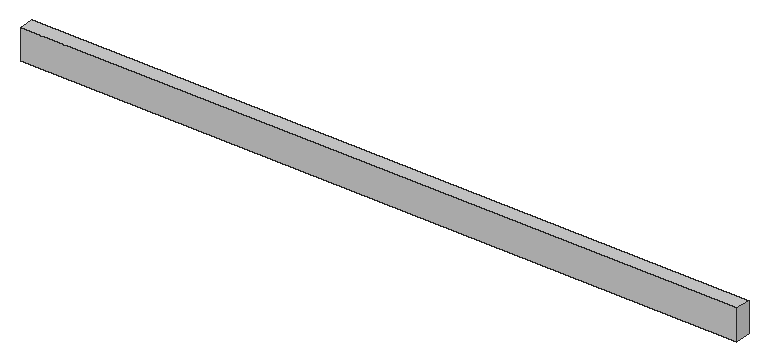
Revit family "M_Barras planas", category Quadro estrutural, Revit 2019 (continued)
Types in the file's own list only (420): name | Largura | Momento de inércia de torção | Módulo de torção | Chave do nome do corte | Área de corte | Eixo fraco do módulo plástico | Eixo forte do módulo plástico | Perímetro | Peso nominal | Eixo fraco do momento de inércia | Eixo forte do momento de inércia | Altura | Eixo fraco do módulo de elasticidade | Eixo forte do módulo de elasticidade | Centróide vertical | Centróide horizontal
  FL 38.1X228.6 | 38.1 mm | 0.00 mm4 | 0.0 mm³ | Plano 1 1/2x9 | 8709.7 mm² | 82960.0 mm³ | 497757.0 mm³ | 0.53 m²/m | 0.00 kgf/m | 1053586.00 mm4 | 37929089.00 mm4 | 228.6 mm | 55306.0 mm³ | 331838.0 mm³ | 114.3 mm | 19.1 mm
  FL 38.1X254 | 38.1 mm | 0.00 mm4 | 0.0 mm³ | Plano 1 1/2x10 | 9677.4 mm² | 92177.0 mm³ | 614515.0 mm³ | 0.58 m²/m | 0.00 kgf/m | 1170651.00 mm4 | 52028928.00 mm4 | 254.0 mm | 61451.0 mm³ | 409677.0 mm³ | 127.0 mm | 19.1 mm
  FL 38.1X304.8 | 38.1 mm | 0.00 mm4 | 0.0 mm³ | Plano 1 1/2x12 | 11612.9 mm² | 110613.0 mm³ | 884901.0 mm³ | 0.69 m²/m | 0.00 kgf/m | 1404781.00 mm4 | 89905988.00 mm4 | 304.8 mm | 73742.0 mm³ | 589934.0 mm³ | 152.4 mm | 19.1 mm
  FL 41.275X38.1 | 41.3 mm | 0.00 mm4 | 0.0 mm³ | Plano 1 5/8x1 1/2 | 1572.6 mm² | 16227.0 mm³ | 14979.0 mm³ | 0.16 m²/m | 0.00 kgf/m | 223257.00 mm4 | 190231.00 mm4 | 38.1 mm | 10818.0 mm³ | 9986.0 mm³ | 19.1 mm | 20.6 mm
  FL 41.275X50.8 | 41.3 mm | 0.00 mm4 | 0.0 mm³ | Plano 1 5/8x2 | 2096.8 mm² | 21636.0 mm³ | 26629.0 mm³ | 0.18 m²/m | 0.00 kgf/m | 297676.00 mm4 | 450917.00 mm4 | 50.8 mm | 14424.0 mm³ | 17753.0 mm³ | 25.4 mm | 20.6 mm
  FL 41.275X63.5 | 41.3 mm | 0.00 mm4 | 0.0 mm³ | Plano 1 5/8x2 1/2 | 2621.0 mm² | 27045.0 mm³ | 41608.0 mm³ | 0.21 m²/m | 0.00 kgf/m | 372095.00 mm4 | 880698.00 mm4 | 63.5 mm | 18030.0 mm³ | 27739.0 mm³ | 31.8 mm | 20.6 mm
  FL 41.275X76.2 | 41.3 mm | 0.00 mm4 | 0.0 mm³ | Plano 1 5/8x3 | 3145.2 mm² | 32454.0 mm³ | 59915.0 mm³ | 0.23 m²/m | 0.00 kgf/m | 446514.00 mm4 | 1521846.00 mm4 | 76.2 mm | 21636.0 mm³ | 39943.0 mm³ | 38.1 mm | 20.6 mm
  FL 41.275X88.9 | 41.3 mm | 0.00 mm4 | 0.0 mm³ | Plano 1 5/8x3 1/2 | 3669.3 mm² | 37863.0 mm³ | 81551.0 mm³ | 0.26 m²/m | 0.00 kgf/m | 520933.00 mm4 | 2416635.00 mm4 | 88.9 mm | 25242.0 mm³ | 54367.0 mm³ | 44.5 mm | 20.6 mm
  FL 41.275X101.6 | 41.3 mm | 0.00 mm4 | 0.0 mm³ | Plano 1 5/8x4 | 4193.5 mm² | 43272.0 mm³ | 106516.0 mm³ | 0.29 m²/m | 0.00 kgf/m | 595352.00 mm4 | 3607339.00 mm4 | 101.6 mm | 28848.0 mm³ | 71011.0 mm³ | 50.8 mm | 20.6 mm
  FL 41.275X114.3 | 41.3 mm | 0.00 mm4 | 0.0 mm³ | Plano 1 5/8x4 1/2 | 4717.7 mm² | 48681.0 mm³ | 134809.0 mm³ | 0.31 m²/m | 0.00 kgf/m | 669771.00 mm4 | 5136231.00 mm4 | 114.3 mm | 32454.0 mm³ | 89873.0 mm³ | 57.2 mm | 20.6 mm
  FL 41.275X127 | 41.3 mm | 0.00 mm4 | 0.0 mm³ | Plano 1 5/8x5 | 5241.9 mm² | 54090.0 mm³ | 166431.0 mm³ | 0.34 m²/m | 0.00 kgf/m | 744190.00 mm4 | 7045584.00 mm4 | 127.0 mm | 36060.0 mm³ | 110954.0 mm³ | 63.5 mm | 20.6 mm
  FL 41.275X139.7 | 41.3 mm | 0.00 mm4 | 0.0 mm³ | Plano 1 5/8x5 1/2 | 5766.1 mm² | 59499.0 mm³ | 201382.0 mm³ | 0.36 m²/m | 0.00 kgf/m | 818609.00 mm4 | 9377672.00 mm4 | 139.7 mm | 39666.0 mm³ | 134254.0 mm³ | 69.9 mm | 20.6 mm
  FL 41.275X152.4 | 41.3 mm | 0.00 mm4 | 0.0 mm³ | Plano 1 5/8x6 | 6290.3 mm² | 64908.0 mm³ | 239661.0 mm³ | 0.39 m²/m | 0.00 kgf/m | 893028.00 mm4 | 12174769.00 mm4 | 152.4 mm | 43272.0 mm³ | 159774.0 mm³ | 76.2 mm | 20.6 mm
  FL 41.275X165.1 | 41.3 mm | 0.00 mm4 | 0.0 mm³ | Plano 1 5/8x6 1/2 | 6814.5 mm² | 70317.0 mm³ | 281269.0 mm³ | 0.41 m²/m | 0.00 kgf/m | 967447.00 mm4 | 15479148.00 mm4 | 165.1 mm | 46878.0 mm³ | 187512.0 mm³ | 82.6 mm | 20.6 mm
  FL 41.275X177.8 | 41.3 mm | 0.00 mm4 | 0.0 mm³ | Plano 1 5/8x7 | 7338.7 mm² | 75726.0 mm³ | 326205.0 mm³ | 0.44 m²/m | 0.00 kgf/m | 1041866.00 mm4 | 19333083.00 mm4 | 177.8 mm | 50484.0 mm³ | 217470.0 mm³ | 88.9 mm | 20.6 mm
  FL 41.275X190.5 | 41.3 mm | 0.00 mm4 | 0.0 mm³ | Plano 1 5/8x7 1/2 | 7862.9 mm² | 81135.0 mm³ | 374470.0 mm³ | 0.46 m²/m | 0.00 kgf/m | 1116285.00 mm4 | 23778846.00 mm4 | 190.5 mm | 54090.0 mm³ | 249647.0 mm³ | 95.3 mm | 20.6 mm
  FL 41.275X203.2 | 41.3 mm | 0.00 mm4 | 0.0 mm³ | Plano 1 5/8x8 | 8387.1 mm² | 86544.0 mm³ | 426064.0 mm³ | 0.49 m²/m | 0.00 kgf/m | 1190704.00 mm4 | 28858712.00 mm4 | 203.2 mm | 57696.0 mm³ | 284042.0 mm³ | 101.6 mm | 20.6 mm
  FL 44.45X38.1 | 44.5 mm | 0.00 mm4 | 0.0 mm³ | Plano 1 3/4x1 1/2 | 1693.5 mm² | 18820.0 mm³ | 16131.0 mm³ | 0.17 m²/m | 0.00 kgf/m | 278843.00 mm4 | 204864.00 mm4 | 38.1 mm | 12546.0 mm³ | 10754.0 mm³ | 19.1 mm | 22.2 mm
  FL 44.45X50.8 | 44.5 mm | 0.00 mm4 | 0.0 mm³ | Plano 1 3/4x2 | 2258.1 mm² | 25093.0 mm³ | 28677.0 mm³ | 0.19 m²/m | 0.00 kgf/m | 371790.00 mm4 | 485603.00 mm4 | 50.8 mm | 16728.0 mm³ | 19118.0 mm³ | 25.4 mm | 22.2 mm
  FL 44.45X57.15 | 44.5 mm | 0.00 mm4 | 0.0 mm³ | Plano 1 3/4x2 1/4 | 2540.3 mm² | 28229.0 mm³ | 36295.0 mm³ | 0.20 m²/m | 0.00 kgf/m | 418264.00 mm4 | 691416.00 mm4 | 57.2 mm | 18820.0 mm³ | 24197.0 mm³ | 28.6 mm | 22.2 mm
  FL 44.45X63.5 | 44.5 mm | 0.00 mm4 | 0.0 mm³ | Plano 1 3/4x2 1/2 | 2822.6 mm² | 31366.0 mm³ | 44808.0 mm³ | 0.22 m²/m | 0.00 kgf/m | 464738.00 mm4 | 948444.00 mm4 | 63.5 mm | 20911.0 mm³ | 29872.0 mm³ | 31.8 mm | 22.2 mm
  FL 44.45X69.85 | 44.5 mm | 0.00 mm4 | 0.0 mm³ | Plano 1 3/4x2 3/4 | 3104.8 mm² | 34502.0 mm³ | 54218.0 mm³ | 0.23 m²/m | 0.00 kgf/m | 511211.00 mm4 | 1262379.00 mm4 | 69.9 mm | 23002.0 mm³ | 36145.0 mm³ | 34.9 mm | 22.2 mm
  FL 44.45X76.2 | 44.5 mm | 0.00 mm4 | 0.0 mm³ | Plano 1 3/4x3 | 3387.1 mm² | 37639.0 mm³ | 64524.0 mm³ | 0.24 m²/m | 0.00 kgf/m | 557685.00 mm4 | 1638911.00 mm4 | 76.2 mm | 25093.0 mm³ | 43016.0 mm³ | 38.1 mm | 22.2 mm
  FL 44.45X88.9 | 44.5 mm | 0.00 mm4 | 0.0 mm³ | Plano 1 3/4x3 1/2 | 3951.6 mm² | 43912.0 mm³ | 87824.0 mm³ | 0.27 m²/m | 0.00 kgf/m | 650633.00 mm4 | 2602530.00 mm4 | 88.9 mm | 29275.0 mm³ | 58550.0 mm³ | 44.5 mm | 22.2 mm
  FL 44.45X101.6 | 44.5 mm | 0.00 mm4 | 0.0 mm³ | Plano 1 3/4x4 | 4516.1 mm² | 50185.0 mm³ | 114709.0 mm³ | 0.29 m²/m | 0.00 kgf/m | 743580.00 mm4 | 3884827.00 mm4 | 101.6 mm | 33457.0 mm³ | 76473.0 mm³ | 50.8 mm | 22.2 mm
  FL 44.45X114.3 | 44.5 mm | 0.00 mm4 | 0.0 mm³ | Plano 1 3/4x4 1/2 | 5080.6 mm² | 56459.0 mm³ | 145179.0 mm³ | 0.32 m²/m | 0.00 kgf/m | 836528.00 mm4 | 5531325.00 mm4 | 114.3 mm | 37639.0 mm³ | 96786.0 mm³ | 57.2 mm | 22.2 mm
  FL 44.45X127 | 44.5 mm | 0.00 mm4 | 0.0 mm³ | Plano 1 3/4x5 | 5645.2 mm² | 62732.0 mm³ | 179234.0 mm³ | 0.34 m²/m | 0.00 kgf/m | 929475.00 mm4 | 7587552.00 mm4 | 127.0 mm | 41821.0 mm³ | 119489.0 mm³ | 63.5 mm | 22.2 mm
  FL 44.45X139.7 | 44.5 mm | 0.00 mm4 | 0.0 mm³ | Plano 1 3/4x5 1/2 | 6209.7 mm² | 69005.0 mm³ | 216873.0 mm³ | 0.37 m²/m | 0.00 kgf/m | 1022423.00 mm4 | 10099032.00 mm4 | 139.7 mm | 46003.0 mm³ | 144582.0 mm³ | 69.9 mm | 22.2 mm
  FL 44.45X152.4 | 44.5 mm | 0.00 mm4 | 0.0 mm³ | Plano 1 3/4x6 | 6774.2 mm² | 75278.0 mm³ | 258096.0 mm³ | 0.39 m²/m | 0.00 kgf/m | 1115370.00 mm4 | 13111290.00 mm4 | 152.4 mm | 50185.0 mm³ | 172064.0 mm³ | 76.2 mm | 22.2 mm
  FL 44.45X165.1 | 44.5 mm | 0.00 mm4 | 0.0 mm³ | Plano 1 3/4x6 1/2 | 7338.7 mm² | 81551.0 mm³ | 302905.0 mm³ | 0.42 m²/m | 0.00 kgf/m | 1208318.00 mm4 | 16669852.00 mm4 | 165.1 mm | 54367.0 mm³ | 201936.0 mm³ | 82.6 mm | 22.2 mm
  FL 44.45X177.8 | 44.5 mm | 0.00 mm4 | 0.0 mm³ | Plano 1 3/4x7 | 7903.2 mm² | 87824.0 mm³ | 351298.0 mm³ | 0.44 m²/m | 0.00 kgf/m | 1301265.00 mm4 | 20820243.00 mm4 | 177.8 mm | 58550.0 mm³ | 234198.0 mm³ | 88.9 mm | 22.2 mm
  FL 44.45X190.5 | 44.5 mm | 0.00 mm4 | 0.0 mm³ | Plano 1 3/4x7 1/2 | 8467.7 mm² | 94098.0 mm³ | 403275.0 mm³ | 0.47 m²/m | 0.00 kgf/m | 1394213.00 mm4 | 25607988.00 mm4 | 190.5 mm | 62732.0 mm³ | 268850.0 mm³ | 95.3 mm | 22.2 mm
  FL 44.45X203.2 | 44.5 mm | 0.00 mm4 | 0.0 mm³ | Plano 1 3/4x8 | 9032.2 mm² | 100371.0 mm³ | 458838.0 mm³ | 0.50 m²/m | 0.00 kgf/m | 1487160.00 mm4 | 31078613.00 mm4 | 203.2 mm | 66914.0 mm³ | 305892.0 mm³ | 101.6 mm | 22.2 mm
  FL 44.45X228.6 | 44.5 mm | 0.00 mm4 | 0.0 mm³ | Plano 1 3/4x9 | 10161.3 mm² | 112917.0 mm³ | 580717.0 mm³ | 0.55 m²/m | 0.00 kgf/m | 1673055.00 mm4 | 44250603.00 mm4 | 228.6 mm | 75278.0 mm³ | 387144.0 mm³ | 114.3 mm | 22.2 mm
  FL 44.45X254 | 44.5 mm | 0.00 mm4 | 0.0 mm³ | Plano 1 3/4x10 | 11290.3 mm² | 125463.0 mm³ | 716934.0 mm³ | 0.60 m²/m | 0.00 kgf/m | 1858950.00 mm4 | 60700416.00 mm4 | 254.0 mm | 83642.0 mm³ | 477956.0 mm³ | 127.0 mm | 22.2 mm
  FL 44.45X304.8 | 44.5 mm | 0.00 mm4 | 0.0 mm³ | Plano 1 3/4x12 | 13548.4 mm² | 150556.0 mm³ | 1032385.0 mm³ | 0.70 m²/m | 0.00 kgf/m | 2230740.00 mm4 | 104890319.00 mm4 | 304.8 mm | 100371.0 mm³ | 688257.0 mm³ | 152.4 mm | 22.2 mm
  FL 47.625X38.1 | 47.6 mm | 0.00 mm4 | 0.0 mm³ | Plano 1 7/8x1 1/2 | 1814.5 mm² | 21604.0 mm³ | 17283.0 mm³ | 0.17 m²/m | 0.00 kgf/m | 342964.00 mm4 | 219497.00 mm4 | 38.1 mm | 14403.0 mm³ | 11522.0 mm³ | 19.1 mm | 23.8 mm
  FL 47.625X50.8 | 47.6 mm | 0.00 mm4 | 0.0 mm³ | Plano 1 7/8x2 | 2419.4 mm² | 28805.0 mm³ | 30726.0 mm³ | 0.20 m²/m | 0.00 kgf/m | 457286.00 mm4 | 520289.00 mm4 | 50.8 mm | 19204.0 mm³ | 20484.0 mm³ | 25.4 mm | 23.8 mm
  FL 47.625X63.5 | 47.6 mm | 0.00 mm4 | 0.0 mm³ | Plano 1 7/8x2 1/2 | 3024.2 mm² | 36007.0 mm³ | 48009.0 mm³ | 0.22 m²/m | 0.00 kgf/m | 571607.00 mm4 | 1016190.00 mm4 | 63.5 mm | 24004.0 mm³ | 32006.0 mm³ | 31.8 mm | 23.8 mm
  FL 47.625X76.2 | 47.6 mm | 0.00 mm4 | 0.0 mm³ | Plano 1 7/8x3 | 3629.0 mm² | 43208.0 mm³ | 69133.0 mm³ | 0.25 m²/m | 0.00 kgf/m | 685928.00 mm4 | 1755976.00 mm4 | 76.2 mm | 28805.0 mm³ | 46089.0 mm³ | 38.1 mm | 23.8 mm
  FL 47.625X88.9 | 47.6 mm | 0.00 mm4 | 0.0 mm³ | Plano 1 7/8x3 1/2 | 4233.9 mm² | 50409.0 mm³ | 94098.0 mm³ | 0.27 m²/m | 0.00 kgf/m | 800250.00 mm4 | 2788425.00 mm4 | 88.9 mm | 33606.0 mm³ | 62732.0 mm³ | 44.5 mm | 23.8 mm
  FL 47.625X101.6 | 47.6 mm | 0.00 mm4 | 0.0 mm³ | Plano 1 7/8x4 | 4838.7 mm² | 57611.0 mm³ | 122903.0 mm³ | 0.30 m²/m | 0.00 kgf/m | 914571.00 mm4 | 4162314.00 mm4 | 101.6 mm | 38407.0 mm³ | 81935.0 mm³ | 50.8 mm | 23.8 mm
  FL 47.625X114.3 | 47.6 mm | 0.00 mm4 | 0.0 mm³ | Plano 1 7/8x4 1/2 | 5443.5 mm² | 64812.0 mm³ | 155549.0 mm³ | 0.32 m²/m | 0.00 kgf/m | 1028892.00 mm4 | 5926420.00 mm4 | 114.3 mm | 43208.0 mm³ | 103699.0 mm³ | 57.2 mm | 23.8 mm
  FL 47.625X127 | 47.6 mm | 0.00 mm4 | 0.0 mm³ | Plano 1 7/8x5 | 6048.4 mm² | 72013.0 mm³ | 192036.0 mm³ | 0.35 m²/m | 0.00 kgf/m | 1143214.00 mm4 | 8129520.00 mm4 | 127.0 mm | 48009.0 mm³ | 128024.0 mm³ | 63.5 mm | 23.8 mm
  FL 47.625X139.7 | 47.6 mm | 0.00 mm4 | 0.0 mm³ | Plano 1 7/8x5 1/2 | 6653.2 mm² | 79215.0 mm³ | 232363.0 mm³ | 0.37 m²/m | 0.00 kgf/m | 1257535.00 mm4 | 10820391.00 mm4 | 139.7 mm | 52810.0 mm³ | 154909.0 mm³ | 69.9 mm | 23.8 mm
  FL 47.625X152.4 | 47.6 mm | 0.00 mm4 | 0.0 mm³ | Plano 1 7/8x6 | 7258.1 mm² | 86416.0 mm³ | 276532.0 mm³ | 0.40 m²/m | 0.00 kgf/m | 1371857.00 mm4 | 14047811.00 mm4 | 152.4 mm | 57611.0 mm³ | 184354.0 mm³ | 76.2 mm | 23.8 mm
  FL 47.625X165.1 | 47.6 mm | 0.00 mm4 | 0.0 mm³ | Plano 1 7/8x6 1/2 | 7862.9 mm² | 93618.0 mm³ | 324541.0 mm³ | 0.43 m²/m | 0.00 kgf/m | 1486178.00 mm4 | 17860556.00 mm4 | 165.1 mm | 62412.0 mm³ | 216360.0 mm³ | 82.6 mm | 23.8 mm
  FL 47.625X177.8 | 47.6 mm | 0.00 mm4 | 0.0 mm³ | Plano 1 7/8x7 | 8467.7 mm² | 100819.0 mm³ | 376390.0 mm³ | 0.45 m²/m | 0.00 kgf/m | 1600499.00 mm4 | 22307403.00 mm4 | 177.8 mm | 67213.0 mm³ | 250927.0 mm³ | 88.9 mm | 23.8 mm
  FL 47.625X190.5 | 47.6 mm | 0.00 mm4 | 0.0 mm³ | Plano 1 7/8x7 1/2 | 9072.6 mm² | 108020.0 mm³ | 432081.0 mm³ | 0.48 m²/m | 0.00 kgf/m | 1714821.00 mm4 | 27437130.00 mm4 | 190.5 mm | 72013.0 mm³ | 288054.0 mm³ | 95.3 mm | 23.8 mm
  FL 47.625X203.2 | 47.6 mm | 0.00 mm4 | 0.0 mm³ | Plano 1 7/8x8 | 9677.4 mm² | 115222.0 mm³ | 491612.0 mm³ | 0.50 m²/m | 0.00 kgf/m | 1829142.00 mm4 | 33298514.00 mm4 | 203.2 mm | 76814.0 mm³ | 327741.0 mm³ | 101.6 mm | 23.8 mm
  FL 50.8X38.1 | 50.8 mm | 0.00 mm4 | 0.0 mm³ | Plano 2x1 1/2 | 1935.5 mm² | 24581.0 mm³ | 18435.0 mm³ | 0.18 m²/m | 0.00 kgf/m | 416231.00 mm4 | 234130.00 mm4 | 38.1 mm | 16387.0 mm³ | 12290.0 mm³ | 19.1 mm | 25.4 mm
  FL 50.8X50.8 | 50.8 mm | 0.00 mm4 | 0.0 mm³ | Plano 2x2 | 2580.6 mm² | 32774.0 mm³ | 32774.0 mm³ | 0.20 m²/m | 0.00 kgf/m | 554975.00 mm4 | 554975.00 mm4 | 50.8 mm | 21849.0 mm³ | 21849.0 mm³ | 25.4 mm | 25.4 mm
  FL 50.8X57.15 | 50.8 mm | 0.00 mm4 | 0.0 mm³ | Plano 2x2 1/4 | 2903.2 mm² | 36871.0 mm³ | 41480.0 mm³ | 0.22 m²/m | 0.00 kgf/m | 624347.00 mm4 | 790189.00 mm4 | 57.2 mm | 24581.0 mm³ | 27653.0 mm³ | 28.6 mm | 25.4 mm
  FL 50.8X63.5 | 50.8 mm | 0.00 mm4 | 0.0 mm³ | Plano 2x2 1/2 | 3225.8 mm² | 40968.0 mm³ | 51210.0 mm³ | 0.23 m²/m | 0.00 kgf/m | 693719.00 mm4 | 1083936.00 mm4 | 63.5 mm | 27312.0 mm³ | 34140.0 mm³ | 31.8 mm | 25.4 mm
  FL 50.8X69.85 | 50.8 mm | 0.00 mm4 | 0.0 mm³ | Plano 2x2 3/4 | 3548.4 mm² | 45064.0 mm³ | 61964.0 mm³ | 0.24 m²/m | 0.00 kgf/m | 763091.00 mm4 | 1442719.00 mm4 | 69.9 mm | 30043.0 mm³ | 41309.0 mm³ | 34.9 mm | 25.4 mm
  FL 50.8X76.2 | 50.8 mm | 0.00 mm4 | 0.0 mm³ | Plano 2x3 | 3871.0 mm² | 49161.0 mm³ | 73742.0 mm³ | 0.25 m²/m | 0.00 kgf/m | 832463.00 mm4 | 1873041.00 mm4 | 76.2 mm | 32774.0 mm³ | 49161.0 mm³ | 38.1 mm | 25.4 mm
  FL 50.8X88.9 | 50.8 mm | 0.00 mm4 | 0.0 mm³ | Plano 2x3 1/2 | 4516.1 mm² | 57355.0 mm³ | 100371.0 mm³ | 0.28 m²/m | 0.00 kgf/m | 971207.00 mm4 | 2974320.00 mm4 | 88.9 mm | 38236.0 mm³ | 66914.0 mm³ | 44.5 mm | 25.4 mm
  FL 50.8X101.6 | 50.8 mm | 0.00 mm4 | 0.0 mm³ | Plano 2x4 | 5161.3 mm² | 65548.0 mm³ | 131097.0 mm³ | 0.30 m²/m | 0.00 kgf/m | 1109950.00 mm4 | 4439802.00 mm4 | 101.6 mm | 43699.0 mm³ | 87398.0 mm³ | 50.8 mm | 25.4 mm
  FL 50.8X114.3 | 50.8 mm | 0.00 mm4 | 0.0 mm³ | Plano 2x4 1/2 | 5806.4 mm² | 73742.0 mm³ | 165919.0 mm³ | 0.33 m²/m | 0.00 kgf/m | 1248694.00 mm4 | 6321515.00 mm4 | 114.3 mm | 49161.0 mm³ | 110613.0 mm³ | 57.2 mm | 25.4 mm
  FL 50.8X127 | 50.8 mm | 0.00 mm4 | 0.0 mm³ | Plano 2x5 | 6451.6 mm² | 81935.0 mm³ | 204838.0 mm³ | 0.36 m²/m | 0.00 kgf/m | 1387438.00 mm4 | 8671488.00 mm4 | 127.0 mm | 54624.0 mm³ | 136559.0 mm³ | 63.5 mm | 25.4 mm
  FL 50.8X139.7 | 50.8 mm | 0.00 mm4 | 0.0 mm³ | Plano 2x5 1/2 | 7096.8 mm² | 90129.0 mm³ | 247854.0 mm³ | 0.38 m²/m | 0.00 kgf/m | 1526182.00 mm4 | 11541751.00 mm4 | 139.7 mm | 60086.0 mm³ | 165236.0 mm³ | 69.9 mm | 25.4 mm
  FL 50.8X152.4 | 50.8 mm | 0.00 mm4 | 0.0 mm³ | Plano 2x6 | 7741.9 mm² | 98322.0 mm³ | 294967.0 mm³ | 0.41 m²/m | 0.00 kgf/m | 1664926.00 mm4 | 14984331.00 mm4 | 152.4 mm | 65548.0 mm³ | 196645.0 mm³ | 76.2 mm | 25.4 mm
  FL 50.8X165.1 | 50.8 mm | 0.00 mm4 | 0.0 mm³ | Plano 2x6 1/2 | 8387.1 mm² | 106516.0 mm³ | 346177.0 mm³ | 0.43 m²/m | 0.00 kgf/m | 1803670.00 mm4 | 19051259.00 mm4 | 165.1 mm | 71011.0 mm³ | 230784.0 mm³ | 82.6 mm | 25.4 mm
  FL 50.8X177.8 | 50.8 mm | 0.00 mm4 | 0.0 mm³ | Plano 2x7 | 9032.2 mm² | 114709.0 mm³ | 401483.0 mm³ | 0.46 m²/m | 0.00 kgf/m | 1942413.00 mm4 | 23794563.00 mm4 | 177.8 mm | 76473.0 mm³ | 267655.0 mm³ | 88.9 mm | 25.4 mm
  FL 50.8X190.5 | 50.8 mm | 0.00 mm4 | 0.0 mm³ | Plano 2x7 1/2 | 9677.4 mm² | 122903.0 mm³ | 460886.0 mm³ | 0.48 m²/m | 0.00 kgf/m | 2081157.00 mm4 | 29266272.00 mm4 | 190.5 mm | 81935.0 mm³ | 307257.0 mm³ | 95.3 mm | 25.4 mm
  FL 50.8X203.2 | 50.8 mm | 0.00 mm4 | 0.0 mm³ | Plano 2x8 | 10322.6 mm² | 131097.0 mm³ | 524386.0 mm³ | 0.51 m²/m | 0.00 kgf/m | 2219901.00 mm4 | 35518415.00 mm4 | 203.2 mm | 87398.0 mm³ | 349591.0 mm³ | 101.6 mm | 25.4 mm
  FL 50.8X228.6 | 50.8 mm | 0.00 mm4 | 0.0 mm³ | Plano 2x9 | 11612.9 mm² | 147484.0 mm³ | 663676.0 mm³ | 0.56 m²/m | 0.00 kgf/m | 2497389.00 mm4 | 50572118.00 mm4 | 228.6 mm | 98322.0 mm³ | 442451.0 mm³ | 114.3 mm | 25.4 mm
  FL 50.8X254 | 50.8 mm | 0.00 mm4 | 0.0 mm³ | Plano 2x10 | 12903.2 mm² | 163871.0 mm³ | 819353.0 mm³ | 0.61 m²/m | 0.00 kgf/m | 2774876.00 mm4 | 69371904.00 mm4 | 254.0 mm | 109247.0 mm³ | 546235.0 mm³ | 127.0 mm | 25.4 mm
  FL 50.8X304.8 | 50.8 mm | 0.00 mm4 | 0.0 mm³ | Plano 2x12 | 15483.8 mm² | 196645.0 mm³ | 1179869.0 mm³ | 0.71 m²/m | 0.00 kgf/m | 3329851.00 mm4 | 119874651.00 mm4 | 304.8 mm | 131097.0 mm³ | 786579.0 mm³ | 152.4 mm | 25.4 mm
  FL 63.5X101.6 | 63.5 mm | 0.00 mm4 | 0.0 mm³ | Plano 2 1/2x4 | 6451.6 mm² | 102419.0 mm³ | 163871.0 mm³ | 0.33 m²/m | 0.00 kgf/m | 2167872.00 mm4 | 5549752.00 mm4 | 101.6 mm | 68279.0 mm³ | 109247.0 mm³ | 50.8 mm | 31.8 mm
  FL 63.5X127 | 63.5 mm | 0.00 mm4 | 0.0 mm³ | Plano 2 1/2x5 | 8064.5 mm² | 128024.0 mm³ | 256048.0 mm³ | 0.38 m²/m | 0.00 kgf/m | 2709840.00 mm4 | 10839360.00 mm4 | 127.0 mm | 85349.0 mm³ | 170699.0 mm³ | 63.5 mm | 31.8 mm
  FL 76.2X152.4 | 76.2 mm | 0.00 mm4 | 0.0 mm³ | Plano 3x6 | 11612.9 mm² | 221225.0 mm³ | 442451.0 mm³ | 0.46 m²/m | 0.00 kgf/m | 5619124.00 mm4 | 22476497.00 mm4 | 152.4 mm | 147484.0 mm³ | 294967.0 mm³ | 76.2 mm | 38.1 mm
